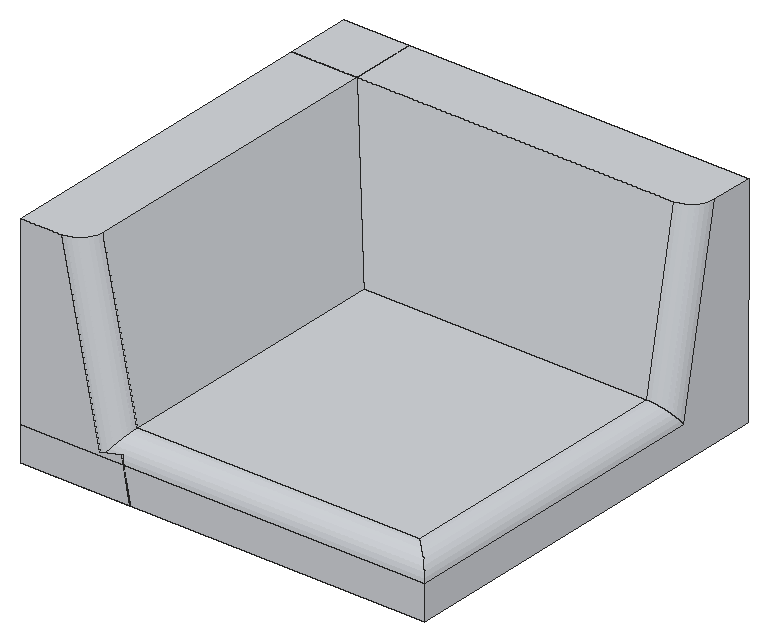
Revit family "FU_LAPSE 0210TA-Upholstered Seat", category Furniture, Revit 2020
Family settings
  OmniClass Number = 23.40.20.00
  OmniClass Title = General Furniture and Specialties
  Work Plane-Based = No
  Always vertical = Yes
  Cut with Voids When Loaded = No
  Shared = No
  Room Calculation Point = No
Parameters
  Material [instance] = none
  Default Elevation = 0 mm
Reference planes
  plane 1 "Center (Front/Back)": y = 0
  plane 2: z = 0
  plane 3 "Center (Left/Right)": x = 0
  plane 4: x = -360
  plane 5: x = 360
  plane 6: y = -360
  plane 7: y = 360
  plane 8: z = 390
  plane 9: y = 245
  plane 10: z = 100
  plane 11: y = 185
Forms (mm)
  Extrusion 1, solid, material <- "Material"
    sketch origin (0, 0, 0) x (0, 1, 0) y (0, 0, 1)
      loop
        line (360, 390) -> (245, 390) -> (185, 100) -> (-360, 100) -> (-360, 0) -> (360, 0) -> (360, 390)
    from -360 to 360
  Sweep 2, void
    path origin (0, -360, 0) x (-1, 0, 0) y (0, 0, 1)
      loop
        line (253.886, 432.949) -> (179.935, 75.518)
    profile origin (-216.91, -360, 254.234) x (-0.97926, 0, -0.202606) y (0, 1, 0)
      loop
        line (0, 0) -> (40, 0)
        arc (40, 0) -> (11.716, 11.716) -> (0, 40) r 40
        line (0, 40) -> (0, 0)
  Sweep 3, void
    path origin (360, 0, 0) x (0, 1, 0) y (0, 0, -1)
      loop
        line (253.886, -432.949) -> (185, -100) -> (-360, -100)
    profile origin (360, 219.443, 266.474) x (0, -0.97926, 0.202606) y (-1, 0, 0)
      loop
        line (0, 0) -> (0, 40)
        arc (0, 40) -> (-11.716, 11.716) -> (-40, 0) r 40
        line (-40, 0) -> (0, 0)
  Sweep 4, void
    path origin (0, -360, 0) x (0, 0, 1) y (-1, 0, 0)
      loop
        line (100, -385) -> (100, 460)
    profile origin (-37.5, -360, 100) x (0, 0, -1) y (0, -1, 0)
      loop
        line (0, 0) -> (0, -40)
        arc (0, -40) -> (11.716, -11.716) -> (40, 0) r 40
        line (40, 0) -> (0, 0)
  Extrusion 5, solid, material <- "Material"
    sketch origin (0, 0, 0) x (-1, 0, 0) y (0, 0, 1)
      loop
        line (360, 390) -> (245, 390) -> (164.31, 0) -> (360, 0) -> (360, 390)
    from -360 to 360
Cuts and joins
  Sweep 3, Sweep 4 cuts Extrusion 1
  Sweep 2 cuts Extrusion 5
Dimensions and locks
  equal spacing: plane 4, plane 3 "Center (Left/Right)", plane 5
  equal spacing: plane 7, plane 1 "Center (Front/Back)", plane 6
  plane 7 to plane 6 = 720 mm
  plane 4 to plane 5 = 720 mm
  plane 8 to level = 390 mm
  aligned and locked: level to plane 2
  aligned and locked: plane 10 to Extrusion 1 sketch curve
Automatic sketch dimensions
  Extrusion 1 sketch curve to plane 6 = 0 mm
  Extrusion 1 sketch curve to plane 11 = 0 mm
  Extrusion 1 sketch curve to plane 8 = 0 mm
  Extrusion 1 sketch curve to plane 9 = 0 mm
  Extrusion 1 sketch curve to plane 7 = 0 mm
  Extrusion 1 sketch curve to level = 0 mm
  Sweep 3 sketch curve to plane 6 = 0 mm
  Sweep 3 sketch curve to plane 10 = 0 mm
  Sweep 3 sketch curve to plane 11 = 0 mm
  plane 9 to Sweep 3 sketch curve = 8.886 mm
  plane 8 to Sweep 3 sketch curve = 42.949 mm
  Sweep 3 sketch curve to profile plane = 0 mm
  profile plane to Sweep 3 sketch curve = 0 mm
  profile plane to Sweep 3 sketch curve = 40 mm
  Sweep 4 sketch curve to profile plane = 0 mm  (x2)
  Sweep 4 sketch curve to profile plane = 40 mm
  Sweep 4 sketch curve to Extrusion 1 = 0 mm
  Sweep 4 sketch curve to Extrusion 1 = 25 mm
  Sweep 4 sketch curve to Extrusion 1 = 100 mm
  Extrusion 5 sketch curve to plane 8 = 0 mm
  Extrusion 5 sketch curve to plane 4 = 0 mm
  plane 4 to Extrusion 5 sketch curve = 115 mm
  Extrusion 5 sketch curve to plane 3 "Center (Left/Right)" = 164.31 mm
  Extrusion 5 sketch curve to level = 0 mm
  Sweep 2 sketch curve to profile plane = 0 mm
  profile plane to Sweep 2 sketch curve = 0 mm
  Sweep 2 sketch curve to Sweep 2 sketch curve = 40 mm
  Sweep 2 sketch curve to plane 10 = 24.482 mm
  Sweep 2 sketch curve to plane 3 "Center (Left/Right)" = 179.935 mm
  plane 8 to Sweep 2 sketch curve = 42.949 mm
  plane 4 to Sweep 2 sketch curve = 106.114 mm
